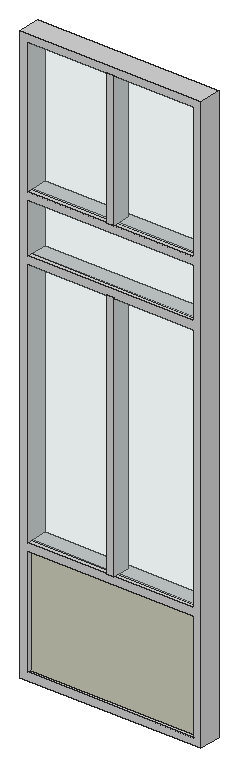
Revit family "CT_Janela_Painel_6Vid_Asim", category Windows, host Wall, Revit 2025
Family settings
  Host = Wall
  OmniClass Number = 23.30.20.00
  OmniClass Title = Windows
  Always vertical = Yes
  Cut with Voids When Loaded = No
  Shared = No
  Room Calculation Point = Yes
Parameters (values of type "JAN_FAC_6PA_INT_D")
  Material_Vidro = CT_Vidros
  Material_Painel_Inferior = CT_Placa_Cega
  Material_Esquadria = CT_Esquadrias_Aluminio
  Height [instance] = 4.000 m
  Espess_Esquadria = 0.050 m
  Define Thermal Properties by = Schematic Type
  Default Sill Height = 0.800 m
  Wall Closure = By host
  Width [instance] = 1.250 m
  Analytic Construction = "<None>"
  Alt_Bandeira_Sup = 1.000 m
  Alt_Bandeira_Inf = 1.800 m
Types (3, lengths in m): name | Material_Vidro | Material_Painel_Inferior | Material_Esquadria | Height | Alt_Bandeira_Sup | Alt_Bandeira_Inf
  JAN_FAC_6PA_INT_D | CT_Vidros | CT_Placa_Cega | CT_Esquadrias_Aluminio | 4.000 | 1.000 | 1.800
  JAN_FAC_6PA_INT_H | none | none | none | 3.450 | 0.900 | 1.250
  JAN_FAC_6PA_INT_A | none | none | CT_Esquadrias_Aluminio | 4.000 | 1.000 | 1.800
Reference planes (m)
  plane 1 "Center (Front/Back)": y = 0
  plane 2 "Center (Left/Right)": x = 0
  plane 3 "Left": x = -0.625
  plane 4 "Right": x = 0.625
  plane 5 "Sill": z = 0.8
  plane 6 "Head": z = 4
  plane 7 "Exterior": y = 0.05
  plane 8 "Interior": y = -0.05
  plane 9: z = 3
  plane 10: z = 2.6
Forms (m)
  Extrusion 1, solid, material "CT_Esquadrias_Aluminio" <- "Material_Esquadria"
    sketch origin (0, 0.05, 0) x (1, 0, 0) y (0, 0, 1)
      loop
        line (0.625, 4) -> (-0.625, 4) -> (-0.625, 0) -> (0.625, 0) -> (0.625, 4)
      loop
        line (-0.575, 0.8) -> (-0.575, 0.05) -> (0.575, 0.05) -> (0.575, 0.8) -> (-0.575, 0.8)
      loop
        line (-0.575, 3.95) -> (-0.575, 3.025) -> (0.575, 3.025) -> (0.575, 3.95) -> (-0.575, 3.95)
      loop
        line (-0.575, 2.975) -> (-0.575, 2.625) -> (0.575, 2.625) -> (0.575, 2.975) -> (-0.575, 2.975)
      loop
        line (0.575, 0.85) -> (0.575, 2.575) -> (-0.575, 2.575) -> (-0.575, 0.85) -> (0.575, 0.85)
    from -0.05 to 0.1
  Extrusion 2, solid, material "CT_Vidros" <- "Material_Vidro"
    sketch origin (0, 0.05, 0) x (1, 0, 0) y (0, 0, 1)
      loop
        line (0.575, 3.95) -> (0.025, 3.95) -> (0.025, 3.025) -> (0.575, 3.025) -> (0.575, 3.95)
      loop
        line (-0.025, 3.95) -> (-0.575, 3.95) -> (-0.575, 3.025) -> (-0.025, 3.025) -> (-0.025, 3.95)
      loop
        line (0.575, 2.975) -> (-0.575, 2.975) -> (-0.575, 2.625) -> (0.575, 2.625) -> (0.575, 2.975)
      loop
        line (0.575, 2.575) -> (0.025, 2.575) -> (0.025, 0.85) -> (0.575, 0.85) -> (0.575, 2.575)
      loop
        line (-0.025, 2.575) -> (-0.575, 2.575) -> (-0.575, 0.85) -> (-0.025, 0.85) -> (-0.025, 2.575)
    from 0.062444 to 0.074642
  Extrusion 3, solid, material "CT_Placa_Cega" <- "Material_Painel_Inferior"
    sketch origin (0, 0.05, 0) x (1, 0, 0) y (0, 0, 1)
      loop
        line (0.575, 0.8) -> (-0.575, 0.8) -> (-0.575, 0.05) -> (0.575, 0.05) -> (0.575, 0.8)
    from 0.062444 to 0.074642
  Extrusion 4, solid, material "CT_Esquadrias_Aluminio" <- "Material_Esquadria"
    sketch origin (0, 0.1, 0) x (-1, 0, 0) y (0, 0, 1)
      loop
        line (-0.025, 3.95) -> (-0.025, 3.025) -> (0.025, 3.025) -> (0.025, 3.95) -> (-0.025, 3.95)
    from -0.15 to -0.035
  Extrusion 5, solid, material "CT_Esquadrias_Aluminio" <- "Material_Esquadria"
    sketch origin (0, 0.1, -1.54) x (-1, 0, 0) y (0, 0, 1)
      loop
        line (-0.025, 4.115) -> (-0.025, 2.39) -> (0.025, 2.39) -> (0.025, 4.115) -> (-0.025, 4.115)
    from -0.15 to -0.035
Lines and regions (m)
  Opening 1
    outline origin (3.5, -0.05, 0) x (1, 0, 0) y (0, 0, 1)
      loop
        line (-2.875, 0) -> (-2.875, 4) -> (-4.125, 4) -> (-4.125, 0) -> (-2.875, 0)
Text (m)
  text "EXTERIOR" at (-1.963203, 1.332353, 0), in view "Ref. Level"
  text "INTERIOR" at (-1.981466, -0.818386, 0), in view "Ref. Level"
  text "Exterior" at (0, 0.923751, 2.943296), in view "Right"
  text "Exterior" at (0, 1.040484, 2.685409), in view "Left"
Dimensions and locks (m)
  equal spacing: plane 3 "Left", plane 2 "Center (Left/Right)", plane 4 "Right"
  "Width": plane 3 "Left" to plane 4 "Right"
  level to plane 6 "Head" = 4.000 m
  "Default Sill Height": plane 5 "Sill" to level
  locked: plane 7 "Exterior" to host wall
  locked: plane 8 "Interior" to host wall
  "Alt_Bandeira_Sup": plane 9 to plane 6 "Head"
  "Alt_Bandeira_Inf": plane 5 "Sill" to plane 10
  equal spacing: Extrusion 1 sketch curve, plane 9, Extrusion 1 sketch curve
  Extrusion 1 sketch curve to Extrusion 1 sketch curve = 0.050 m  (x2)
  "Espess_Esquadria": Extrusion 1 sketch curve to Extrusion 1 sketch curve  (x6)
  equal spacing: Extrusion 1 sketch curve, plane 10, Extrusion 1 sketch curve
  locked: Extrusion 1 to Extrusion 2 at 0.025358
  locked: Extrusion 2 to Extrusion 2 at 0.012199
  "Height": plane 6 "Head" to level
  locked: Extrusion 1 to Extrusion 1 at 0.15
  locked: Extrusion 5 to Extrusion 5 at 0.115
  aligned and locked: plane 8 "Interior" to Extrusion 1
  aligned and locked: plane 3 "Left" to Extrusion 1
  aligned and locked: Extrusion 1 to plane 4 "Right"
  aligned and locked: Extrusion 1 sketch curve to Extrusion 1 sketch curve  (x4)
  aligned and locked: Extrusion 1 to Extrusion 2 sketch curve  (x6)
  aligned and locked: Extrusion 2 sketch curve to Extrusion 1  (x5)
  aligned and locked: Extrusion 3 sketch curve to Extrusion 1  (x4)
  aligned and locked: Extrusion 3 to Extrusion 2  (x2)
  aligned and locked: level to Opening 1 sketch curve
  aligned and locked: Opening 1 sketch curve to plane 4 "Right"
  aligned and locked: Opening 1 sketch curve to plane 3 "Left"
  aligned and locked: Extrusion 4 sketch curve to Extrusion 2  (x4)
  aligned and locked: Extrusion 1 to Extrusion 4
  aligned and locked: Extrusion 5 to Extrusion 1  (x2)
  aligned and locked: Extrusion 1 to Extrusion 5
  aligned and locked: Extrusion 5 to Extrusion 4
  aligned and locked: host wall to Extrusion 1
Automatic sketch dimensions
  Opening 1 sketch curve to plane 6 "Head" = 0.000 m
  Extrusion 1 sketch curve to plane 3 "Left" = 0.000 m
  Extrusion 1 sketch curve to plane 5 "Sill" = 0.000 m
  Extrusion 1 sketch curve to plane 4 "Right" = 0.000 m
  Extrusion 1 sketch curve to level = 0.000 m
  Extrusion 1 sketch curve to plane 6 "Head" = 0.000 m
  Extrusion 1 sketch curve to Extrusion 1 sketch curve = 0.050 m
  Extrusion 1 sketch curve to plane 10 = 0.025 m
  plane 6 "Head" to Extrusion 1 sketch curve = 0.050 m
  plane 2 "Center (Left/Right)" to Extrusion 2 sketch curve = 0.025 m  (x2)
  Extrusion 2 sketch curve to plane 2 "Center (Left/Right)" = 0.025 m  (x2)
  Extrusion 2 sketch curve to plane 5 "Sill" = 0.050 m
  Extrusion 2 sketch curve to plane 10 = 0.025 m
  plane 9 to Extrusion 2 sketch curve = 0.025 m
  plane 6 "Head" to Extrusion 2 sketch curve = 0.050 m  (x2)
  Extrusion 5 sketch curve to plane 2 "Center (Left/Right)" = 0.025 m
  plane 2 "Center (Left/Right)" to Extrusion 5 sketch curve = 0.025 m
  Extrusion 5 sketch curve to plane 5 "Sill" = 0.050 m
  Extrusion 5 sketch curve to plane 10 = 0.025 m
